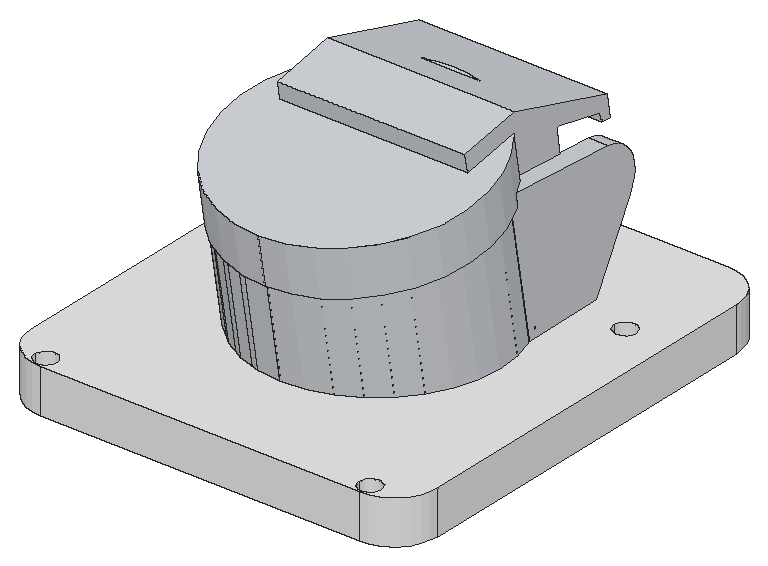
Revit family "Building-IEC309Connections-GEWISS-IEC309BTS-10°_FLUSH-MOUNT_SOCKET_20-25V_IP44", category Apparecchi elettrici, host Superficie, Revit 2019
Family settings
  Host = Superficie
  Mantenere orientamento annotazione = Sì
  Quota connettore circolare = Usa diametro
  Tipo di parte = Normale
  Taglio con vuoti quando caricato = No
  Condiviso = No
  Punto di calcolo locali = Sì
Parameters (values of type "GW62282 - IP44 10°P.RECEPTACLE 2P 32A CC 10H")
  simbolo acceso [instance] = yes
  distanza_simbolo [instance] = 1 mm
  distanza dal piano [instance] = 0 mm
  W = 115 mm  # constant formula
  Version file RFA = "21.11"
  URL = "https://www.gewiss.com/ww/en"
  Typology = "10° angled flush-mounting socket-outlet"
  Type of wiring = "With screw"
  Total number of operations = "-2000"
  Thermo-pressure with ball = "125 °C (active parts) - 80 °C (passive parts)"
  Terminal tightening capacity = "2.5-6mm² flexible cables - 2.5-10mm² rigid cables"
  Technical sheet = "https://www.gewiss.com/ww/en/search?q=GW62282"
  Spostamento_effettivo_S [instance] = 4000 mm - Spostamento_S  # 3050 mm
  Spostamento_S = 950 mm
  Sportello_visibile = yes
  Shock resistance = "IK08"
  SPinotto = Default(2)
  SEO = "Socket outlet"
  Reference h: = "10"
  Realized by GEWISS S.p.A. = ""
  Rated voltage: = "20-25V and 40-50 V"
  Rated current (A) = "32"
  Prospetto di default = 500 mm
  Produttore = "GEWISS S.p.A."
  Piastra = Default(2)
  Permissible overload = "42A"
  Operating temperature: = "-25 +40 °C"
  No. of poles = "2P"
  Model = "GW62282"
  L = 155 mm  # constant formula
  Insulation resistance = "- 10 M?"
  Immagine tipo = (empty or 0)
  IP degree = "IP44"
  IDT = "8afe203aa1864dc1852bbf52b3636d03"
  IDF = "808d92d3-ab0e-4d2e-8f13-4af79e3487d6"
  Glow wire test: = "850 °C (active parts) - 650 °C (passive parts)"
  Frequency = "d.c."
  Flange dimensions (mm) = "85x75"
  FORMULA = 1000 mm * 1  # 1000 mm
  Electrocod = "2210"
  Description = "IP44 10°P.RECEPTACLE 2P 32A CC 10H"
  Corpo centrale = Default(2)
  Colour: = "White"
  Catalogue = "BUILDING"
  COBie.Tagnumber = ""
  COBie.CreatedOn = ""
  COBie.CreatebBy = ""
  COBie.ComponentRegisterItemID = ""
  COBie.Component.TagNumber = ""
  COBie.Component.Space = ""
  COBie.Component.SerialNumber = ""
  COBie.Component.InstallationDate = ""
  COBie.Component.Description = ""
  COBie.Component.BarCode = ""
  Breaking capacity at 1.1 Un = "40A"
  BLOCCO = "B=C"
Types (18, lengths in mm): name | Total number of operations | Terminal tightening capacity | Technical sheet | Reference h: | Rated voltage: | Rated current (A) | Permissible overload | No. of poles | Model | IDT | Frequency | Description | Colour: | Breaking capacity at 1.1 Un
  GW62265 - IP44 10°P.RECEPTACLE 2P 16A 24V N.R. | "-5000" | "1-2.5mm² flexible cables - 1.5-4mm² rigid cables" | "https://www.gewiss.com/ww/en/search?q=GW62265" | "-" | "20-25 V" | "16" | "22A" | "2P" | "GW62265" | "9def6e23c77c452c8bc1facfcbc9bd77" | "50 - 60 Hz" | "IP44 10°P.RECEPTACLE 2P 16A 24V N.R." | "Violet" | "20A"
  GW62266 - IP44 10°P.RECEPTACLE 3P 16A 24V N.R. | "-5000" | "1-2.5mm² flexible cables - 1.5-4mm² rigid cables" | "https://www.gewiss.com/ww/en/search?q=GW62266" | "-" | "20-25 V" | "16" | "22A" | "3P" | "GW62266" | "a0f886dc9e3c47888f3aa8c14af0ab1e" | "50 - 60 Hz" | "IP44 10°P.RECEPTACLE 3P 16A 24V N.R." | "Violet" | "20A"
  GW62267 - IP44 10°P.RECEPTACLE 2P 16A 42V 12H | "-5000" | "1-2.5mm² flexible cables - 1.5-4mm² rigid cables" | "https://www.gewiss.com/ww/en/search?q=GW62267" | "12" | "40-50 V" | "16" | "22A" | "2P" | "GW62267" | "eeb0a0309cea4cc6b961402f103a076e" | "50 - 60 Hz" | "IP44 10°P.RECEPTACLE 2P 16A 42V 12H" | "White" | "20A"
  GW62268 - IP44 10°P.RECEPTACLE 3P 16A 42V 12H | "-5000" | "1-2.5mm² flexible cables - 1.5-4mm² rigid cables" | "https://www.gewiss.com/ww/en/search?q=GW62268" | "12" | "40-50 V" | "16" | "22A" | "3P" | "GW62268" | "43b9056ef6c34fd3a24c90325ea60f34" | "50 - 60 Hz" | "IP44 10°P.RECEPTACLE 3P 16A 42V 12H" | "White" | "20A"
  GW62269 - IP44 10°P.RECEPTACLE 2P 16A 24/42V 4H | "-5000" | "1-2.5mm² flexible cables - 1.5-4mm² rigid cables" | "https://www.gewiss.com/ww/en/search?q=GW62269" | "4" | "20-25V and 40-50 V" | "16" | "22A" | "2P" | "GW62269" | "e8cfee45653440e09d1937b7a99b5a49" | "100 - 200 Hz" | "IP44 10°P.RECEPTACLE 2P 16A 24/42V 4H" | "Green" | "20A"
  GW62270 - IP44 10°P.RECEPTACLE 3P 16A 24/42V 4H | "-5000" | "1-2.5mm² flexible cables - 1.5-4mm² rigid cables" | "https://www.gewiss.com/ww/en/search?q=GW62270" | "4" | "20-25V and 40-50 V" | "16" | "22A" | "3P" | "GW62270" | "018e38cab65b454193061a6e711b3522" | "100 - 200 Hz" | "IP44 10°P.RECEPTACLE 3P 16A 24/42V 4H" | "Green" | "20A"
  GW62271 - IP44 10°P.RECEPTACLE 2P 16A 24/42V 11H | "-5000" | "1-2.5mm² flexible cables - 1.5-4mm² rigid cables" | "https://www.gewiss.com/ww/en/search?q=GW62271" | "11" | "20-25V and 40-50 V" | "16" | "22A" | "2P" | "GW62271" | "263cd24e67174d9bb4d7e0c0d767674c" | "401 - 500 Hz" | "IP44 10°P.RECEPTACLE 2P 16A 24/42V 11H" | "Green" | "20A"
  GW62272 - IP44 10°P.RECEPTACLE 3P 16A 42V 11H | "-5000" | "1-2.5mm² flexible cables - 1.5-4mm² rigid cables" | "https://www.gewiss.com/ww/en/search?q=GW62272" | "11" | "20-25V and 40-50 V" | "16" | "22A" | "3P" | "GW62272" | "d19aea3682ee4d248541bb61866dac65" | "401 - 500 Hz" | "IP44 10°P.RECEPTACLE 3P 16A 42V 11H" | "Green" | "20A"
  GW62273 - IP44 10°P.RECEPTACLE 2P 16A CC 10H | "-5000" | "1-2.5mm² flexible cables - 1.5-4mm² rigid cables" | "https://www.gewiss.com/ww/en/search?q=GW62273" | "10" | "20-25V and 40-50 V" | "16" | "22A" | "2P" | "GW62273" | "e91c6f749840467fb8bfcdea271c9aa0" | "d.c." | "IP44 10°P.RECEPTACLE 2P 16A CC 10H" | "White" | "20A"
  GW62274 - IP44 10°P.RECEPTACLE 2P 32A 24V N.R. | "-2000" | "2.5-6mm² flexible cables - 2.5-10mm² rigid cables" | "https://www.gewiss.com/ww/en/search?q=GW62274" | "-" | "20-25 V" | "32" | "42A" | "2P" | "GW62274" | "f15b4b81c7b840a6914eab4862c35006" | "50 - 60 Hz" | "IP44 10°P.RECEPTACLE 2P 32A 24V N.R." | "Violet" | "40A"
  GW62275 - IP44 10°P.RECEPTACLE 3P 32A 24V N.R. | "-2000" | "2.5-6mm² flexible cables - 2.5-10mm² rigid cables" | "https://www.gewiss.com/ww/en/search?q=GW62275" | "-" | "20-25 V" | "32" | "42A" | "3P" | "GW62275" | "d3c1981293a540618c0e40ea98bb831f" | "50 - 60 Hz" | "IP44 10°P.RECEPTACLE 3P 32A 24V N.R." | "Violet" | "40A"
  GW62276 - IP44 10°P.RECEPTACLE 2P 32A 24/42V 12H | "-2000" | "2.5-6mm² flexible cables - 2.5-10mm² rigid cables" | "https://www.gewiss.com/ww/en/search?q=GW62276" | "12" | "40-50 V" | "32" | "42A" | "2P" | "GW62276" | "67b9ecae861a48fcb3933a667a0eed9d" | "50 - 60 Hz" | "IP44 10°P.RECEPTACLE 2P 32A 24/42V 12H" | "White" | "40A"
  GW62277 - IP44 10°P.RECEPTACLE 3P 32A 42V 12H | "-2000" | "2.5-6mm² flexible cables - 2.5-10mm² rigid cables" | "https://www.gewiss.com/ww/en/search?q=GW62277" | "12" | "40-50 V" | "32" | "42A" | "3P" | "GW62277" | "7e02106feacc4c109087a3136f397ceb" | "50 - 60 Hz" | "IP44 10°P.RECEPTACLE 3P 32A 42V 12H" | "White" | "40A"
  GW62278 - IP44 10°P.RECEPTACLE 2P 32A 24/42V4H | "-2000" | "2.5-6mm² flexible cables - 2.5-10mm² rigid cables" | "https://www.gewiss.com/ww/en/search?q=GW62278" | "4" | "20-25V and 40-50 V" | "32" | "42A" | "2P" | "GW62278" | "ab66afe078ca42058b5bde5720b40186" | "100 - 200 Hz" | "IP44 10°P.RECEPTACLE 2P 32A 24/42V4H" | "Green" | "40A"
  GW62279 - IP44 10°P.RECEPTACLE 3P 32A 24/42V4H | "-2000" | "2.5-6mm² flexible cables - 2.5-10mm² rigid cables" | "https://www.gewiss.com/ww/en/search?q=GW62279" | "4" | "20-25V and 40-50 V" | "32" | "42A" | "3P" | "GW62279" | "8a3e5e1806df49ea9c6e42368c590c59" | "100 - 200 Hz" | "IP44 10°P.RECEPTACLE 3P 32A 24/42V4H" | "Green" | "40A"
  GW62280 - IP44 10°P.RECEPTACLE 2P 32A 24/42V 11H | "-2000" | "2.5-6mm² flexible cables - 2.5-10mm² rigid cables" | "https://www.gewiss.com/ww/en/search?q=GW62280" | "11" | "20-25V and 40-50 V" | "32" | "42A" | "2P" | "GW62280" | "abd18fdf84a94e05b5740bba7bad5c35" | "401 - 500 Hz" | "IP44 10°P.RECEPTACLE 2P 32A 24/42V 11H" | "Green" | "40A"
  GW62281 - IP44 10°P.RECEPTACLE 3P 32A 24/42V 11H | "-2000" | "2.5-6mm² flexible cables - 2.5-10mm² rigid cables" | "https://www.gewiss.com/ww/en/search?q=GW62281" | "11" | "20-25V and 40-50 V" | "32" | "42A" | "3P" | "GW62281" | "53c0e80d9af846c6bfa261089d5de116" | "401 - 500 Hz" | "IP44 10°P.RECEPTACLE 3P 32A 24/42V 11H" | "Green" | "40A"
  GW62282 - IP44 10°P.RECEPTACLE 2P 32A CC 10H | "-2000" | "2.5-6mm² flexible cables - 2.5-10mm² rigid cables" | "https://www.gewiss.com/ww/en/search?q=GW62282" | "10" | "20-25V and 40-50 V" | "32" | "42A" | "2P" | "GW62282" | "8afe203aa1864dc1852bbf52b3636d03" | "d.c." | "IP44 10°P.RECEPTACLE 2P 32A CC 10H" | "White" | "40A"
Reference planes
  plane 1 "Centro (Fronte/Retro)": y = 0
  plane 2: z = 0
  plane 3 "Centro (Sinistra/Destra)": x = 0
  plane 4: x = -3000
  plane 5: x = 50
  plane 6: z = 0
Dimensions and locks
  plane 4 to plane 3 "Centro (Sinistra/Destra)" = 3000 mm
  "Spostamento_effettivo_S": plane 4 to plane 5
  "distanza dal piano": plane 6 to plane 2
  aligned and locked: plane 2 to host face
  aligned and locked: level to host face
  aligned and locked: plane 3 "Centro (Sinistra/Destra)" to nested 1
  aligned and locked: plane 1 "Centro (Fronte/Retro)" to nested 1
  aligned and locked: nested 2 to plane 5
Automatic sketch dimensions
  host sketch curve to host sketch curve = 2438.4 mm  (x2)
Nested families
  nested 1: "IEC309 PRESE FISSE INCASSO 10' BASSISSIMA V IP44_base" at (0, 0, 0), type "IEC309 PRESE FISSE INCASSO 10' BASSISSIMA V IP44_base"
  nested 2: "GWGW62201FH - SIMBOLO_PRESA" at (50, 171.559, 0), visible <- "simbolo acceso", Distanza dal muro <- "distanza_simbolo", type "3P"
    with SIMBOLO ACCESO yes, Distanza dal muro 1 mm
Connectors
  electrical at (37.5, 30, 0)
    settings: on nested 1, index 1, voltage 0 V, apparent load 0 VA, apparent load phase1 0 VA, apparent load phase2 0 VA, apparent load phase3 0 VA, power factor 1, load classification "Altro", number of poles 1, system type 31, power factor state 1, is connector primary yes, connector utility no, sub classification motor no, connector description ""
Definition of nested family "IEC309 PRESE FISSE INCASSO 10' BASSISSIMA V IP44_base"
  Parameters (values of type "IEC309 PRESE FISSE INCASSO 10' BASSISSIMA V IP44_base")
    sp_ghiera = 16 mm
    r2 = 22.5 mm
    h = 85 mm  # constant formula
    dis_base = 71 mm
    Sportello = yes
    Spinotto = none
    R1 = 22.5 mm
    PIASTRA = none
    Lunghezza totale = 140 mm
    CENTRALE = none
    Bsae = 75 mm  # constant formula
  Reference planes
    plane 1 "Centro (Fronte/Retro)": y = 0
    plane 2: z = 0
    plane 3 "Centro (Sinistra/Destra)": x = 0
    plane 4: x = 75
    plane 5: x = 7
    plane 6: y = 13
    plane 7: x = 67
    plane 8: y = 72
    plane 9: y = 85
    plane 10: x = 37.5
    plane 11: z = 8.057
    plane 12: z = 23.239
    plane 13: x = 68
    plane 14: x = 63
    plane 15: x = 12
    plane 16: y = 55
  Forms (mm)
    Extrusion 1, solid, material <- "PIASTRA"
      sketch origin (0, 0, 0) x (1, 0, 0) y (0, 1, 0)
        loop
          arc (8, 85) -> (2.343, 82.657) -> (0, 77) r 8
          line (0, 77) -> (0, 8)
          arc (0, 8) -> (2.343, 2.343) -> (8, 0) r 8
          line (8, 0) -> (67, 0)
          arc (67, 0) -> (72.657, 2.343) -> (75, 8) r 8
          line (75, 8) -> (75, 77)
          arc (75, 77) -> (72.657, 82.657) -> (67, 85) r 8
          line (67, 85) -> (8, 85)
      from 0 to 8.057
    Extrusion 2, solid
      sketch origin (0, -3.125, -1.562) x (0, 1, 0) y (0, 0, 1)
        loop
          line (43.95, 36.363) -> (64.587, 33.905) -> (63.744, 38.546)
          arc (63.744, 38.546) -> (63.891, 39.007) -> (64.354, 39.142) r 0.515
          line (64.354, 39.142) -> (73.841, 37.179) -> (74.165, 35.396) -> (76.085, 35.373) -> (75.333, 39.637) -> (54.232, 45.894) -> (42.63, 43.848) -> (43.95, 36.363)
      from 20.172 to 54.828
    Extrusion 3, void
      sketch origin (0, -10.625, 0) x (1, 0, 0) y (0, 1, 0)
        loop
          circle (7, 72) r 2.072
        loop
          circle (67, 72) r 2.072
        loop
          circle (7, 13) r 2.072
        loop
          circle (67, 13) r 2.072
      from 0 to 8.057
    Sweep 4, solid
      path origin (2.5, 5.625, 0) x (0, 1, 0) y (0, 0, 1)
        loop
          line (36.306, 4.207) -> (31.823, 29.346)
      profile origin (2.5, 39.689, 16.777) x (0, -0.98447, -0.175554) y (1, 0, 0)
        loop
          circle (0, 35) r 22.5
    Sweep 5, solid
      path origin (0, 5.625, 0) x (0, 1, 0) y (0, 0, 1)
        loop
          line (31.823, 29.346) -> (30.209, 38.396)
      profile origin (0, 36.641, 33.871) x (0, -0.98447, -0.175554) y (1, 0, 0)
        loop
          circle (0, 37.5) r 23
    Sweep 6, solid
      path origin (0, 5.625, 0) x (0, 1, 0) y (0, 0, 1)
        loop
          line (31.823, 29.346) -> (36.212, 4.734)
      profile origin (0, 39.642, 17.04) x (0, 0.98447, 0.175554) y (1, 0, 0)
        loop
          circle (0, 37.5) r 22.5
    Extrusion 7, solid
      sketch origin (-5.625, -3.125, 0) x (0, 1, 0) y (0, 0, 1)
        loop
          line (71.29, 32.466) -> (44.064, 34.238) -> (48.733, 8.057) -> (68.558, 8.057) -> (76.259, 22.19)
          arc (76.259, 22.19) -> (76.771, 28.777) -> (71.29, 32.466) r 6.557
      from 60.453 to 63.951
    Extrusion 8, solid
      sketch origin (80.625, -3.125, 0) x (0, 1, 0) y (0, 0, -1)
        loop
          arc (71.29, -32.466) -> (76.771, -28.777) -> (76.259, -22.19) r 6.557
          line (76.259, -22.19) -> (68.558, -8.057) -> (48.733, -8.057) -> (44.064, -34.238) -> (71.29, -32.466)
      from 60.453 to 63.951
  Cuts and joins
    Extrusion 3 cuts Extrusion 1
    joined: Extrusion 2, Sweep 5, Extrusion 8
    joined: Sweep 6, Extrusion 7
  Dimensions and locks
    "Bsae": plane 3 "Centro (Sinistra/Destra)" to plane 4
    locked: plane 7 to plane 4 at 8
    "h": plane 1 "Centro (Fronte/Retro)" to plane 9
    equal spacing: plane 3 "Centro (Sinistra/Destra)", plane 10, plane 4
    locked: plane 5 to plane 7 at 60
    locked: plane 11 to level at 8.057
    plane 12 to plane 11 = 15.181 mm
    plane 9 to plane 8 = 13 mm
    locked: plane 14 to plane 13 at 5
    locked: plane 5 to plane 15 at 5
    equal spacing: cut or joined group of Extrusion 2, Sweep 5, Extrusion 8, plane 10, cut or joined group of Extrusion 2, Sweep 5, Extrusion 8
    radius of Extrusion 1 sketch curve = 8 mm  (x4)
    "R1": radius of Sweep 6 sketch curve
    "R1": radius of Sweep 4 sketch curve
    aligned and locked: level to plane 2
    aligned and locked: plane 9 to Extrusion 1
    aligned and locked: Extrusion 1 to plane 3 "Centro (Sinistra/Destra)"
    aligned and locked: plane 1 "Centro (Fronte/Retro)" to Extrusion 1
    aligned and locked: Extrusion 1 to plane 4
    aligned and locked: plane 11 to Extrusion 1
    aligned and locked: plane 5 to Extrusion 3 sketch curve  (x2)
    aligned and locked: plane 7 to Extrusion 3 sketch curve  (x2)
    aligned and locked: Extrusion 1 to Extrusion 3
    aligned and locked: plane 10 to Sweep 5 sketch curve
    aligned and locked: plane 10 to Sweep 4 sketch curve
    aligned and locked: plane 10 to Sweep 6 sketch curve
    aligned and locked: Extrusion 7 to cut or joined group of Extrusion 2, Sweep 5, Extrusion 8
  Automatic sketch dimensions
    Extrusion 1 sketch curve to plane 3 "Centro (Sinistra/Destra)" = 0 mm
    Extrusion 1 sketch curve to plane 7 = 0 mm
    plane 1 "Centro (Fronte/Retro)" to Extrusion 1 sketch curve = 0 mm
    Extrusion 1 sketch curve to plane 9 = 0 mm
    Extrusion 2 sketch curve to plane 16 = 15.495 mm
    Extrusion 2 sketch curve to Extrusion 2 sketch curve = 1.32 mm
    Extrusion 2 sketch curve to plane 16 = 3.893 mm
    plane 16 to Extrusion 2 sketch curve = 5.619 mm
    Extrusion 2 sketch curve to Extrusion 2 sketch curve = 0.506 mm
    Extrusion 2 sketch curve to Extrusion 2 sketch curve = 0.104 mm
    Extrusion 2 sketch curve to Extrusion 2 sketch curve = 0.843 mm
    Extrusion 2 sketch curve to plane 8 = 1.284 mm
    Extrusion 2 sketch curve to plane 8 = 0.96 mm
    plane 8 to Extrusion 2 sketch curve = 0.208 mm
    plane 8 to Extrusion 2 sketch curve = 0.96 mm
    plane 12 to Extrusion 2 sketch curve = 9.103 mm
    plane 12 to Extrusion 2 sketch curve = 10.572 mm
    Extrusion 2 sketch curve to Extrusion 2 sketch curve = 0.023 mm
    plane 12 to Extrusion 2 sketch curve = 11.562 mm
    Extrusion 2 sketch curve to Extrusion 2 sketch curve = 1.783 mm
    Extrusion 2 sketch curve to Extrusion 2 sketch curve = 4.642 mm
    Extrusion 2 sketch curve to Extrusion 2 sketch curve = 0.092 mm
    Extrusion 2 sketch curve to Extrusion 2 sketch curve = 2.458 mm
    Extrusion 2 sketch curve to Extrusion 2 sketch curve = 7.485 mm
    Extrusion 3 sketch curve to plane 1 "Centro (Fronte/Retro)" = 2.375 mm  (x2)
    plane 16 to Extrusion 3 sketch curve = 6.375 mm  (x2)
    plane 12 to Sweep 4 sketch curve = 6.107 mm
    Sweep 4 sketch curve to plane 16 = 17.552 mm
    Sweep 4 sketch curve to plane 11 = 3.85 mm
    Sweep 4 sketch curve to plane 16 = 13.069 mm
    Sweep 5 sketch curve to plane 16 = 19.166 mm
    plane 12 to Sweep 5 sketch curve = 6.107 mm
    Sweep 5 sketch curve to Sweep 5 sketch curve = 1.614 mm
    Sweep 5 sketch curve to Sweep 5 sketch curve = 9.051 mm
    Sweep 5 sketch curve to profile plane = 0 mm
    plane 12 to Sweep 6 sketch curve = 6.107 mm
    Sweep 6 sketch curve to plane 16 = 17.552 mm
    Sweep 6 sketch curve to plane 11 = 3.323 mm
    Sweep 6 sketch curve to plane 16 = 13.163 mm
    Extrusion 7 sketch curve to plane 11 = 0 mm
    Extrusion 7 sketch curve to plane 16 = 14.061 mm
    Extrusion 7 sketch curve to plane 16 = 9.392 mm
    Extrusion 7 sketch curve to plane 8 = 6.567 mm
    Extrusion 7 sketch curve to plane 8 = 4.258 mm
    Extrusion 7 sketch curve to plane 8 = 3.835 mm
    plane 8 to Extrusion 7 sketch curve = 1.134 mm
    Extrusion 7 sketch curve to plane 12 = 1.049 mm
    plane 12 to Extrusion 7 sketch curve = 2.684 mm
    plane 12 to Extrusion 7 sketch curve = 10.999 mm
    Extrusion 8 sketch curve to plane 11 = 0 mm
    Extrusion 8 sketch curve to plane 16 = 14.061 mm
    Extrusion 8 sketch curve to plane 16 = 9.392 mm
    Extrusion 8 sketch curve to plane 8 = 6.567 mm
    Extrusion 8 sketch curve to plane 8 = 4.258 mm
    Extrusion 8 sketch curve to plane 8 = 3.835 mm
    plane 8 to Extrusion 8 sketch curve = 1.134 mm
    Extrusion 8 sketch curve to plane 12 = 1.049 mm
    plane 12 to Extrusion 8 sketch curve = 2.684 mm
    plane 12 to Extrusion 8 sketch curve = 10.999 mm
    Sweep 4 sketch curve to profile plane = 0 mm
    Sweep 6 sketch curve to profile plane = 0 mm
    radius of Extrusion 3 sketch curve = 2.072 mm  (x4)
    radius of Sweep 5 sketch curve = 23 mm
Definition of nested family "GWGW62201FH - SIMBOLO_PRESA"
  Parameters (values of type "3P")
    SIMBOLO ACCESO [instance] = yes
    Distanza dal muro [instance] = 0 mm
  Reference planes
    plane 1: y = 0
    plane 2: x = 0
  Dimensions and locks
    "Distanza dal muro": plane 1 to nested 1
    aligned and locked: plane 2 to nested 1
  Nested families
    nested 1: "GWGW62201FH - SIMBOLO" at (0, 0, 0), visible <- "SIMBOLO ACCESO", type "3P"
  Definition of nested family "GWGW62201FH - SIMBOLO"
    Parameters (values of type "3P")
      CORNICE SIMBOLO [instance] = yes
      3P = yes
    Reference planes
      plane 1: y = 0
      plane 2: x = 0
    Lines and regions (mm)
      detail lines
        curve 1: circle (-0.314, 0.674, 0) r 0.057 normal (0, 0, 1)
        curve 2: arc (0.346, -0.009, 0) -> (0, 0.337, 0) -> (-0.346, -0.009, 0) r 0.346
        curve 3: line (0, 0.337, 0) -> (0.346, 0.337, 0)
        curve 4: line (0, 3.386, 0) -> (0, 0.337, 0)
        curve 5: line (0, 0.337, 0) -> (-0.314, 0.674, 0)
